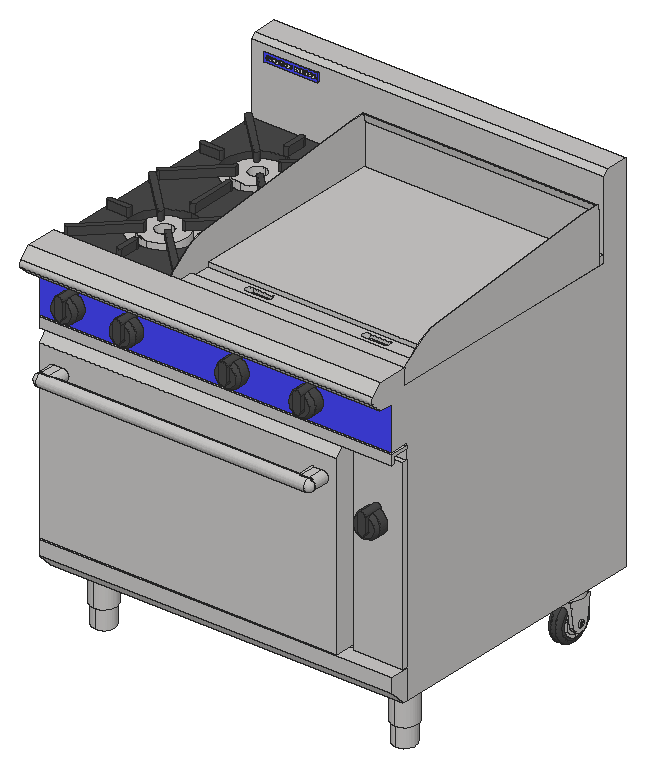
Revit family "QF_MOFFAT_BLUESEAL_CE_G506B", category Specialty Equipment, Revit 2012
Parameters
  Width = 900 mm  # constant formula
  Weight in Pounds = 460
  URL Cutsheet = "www.moffat.com"
  URL = "www.moffat.com"
  Type Mark [instance] = ""
  Status [instance] = ""
  Specification by User [instance] = ""
  Specification by Manufacturer = ""
  Show Logo [instance] = yes
  Show Clearance [instance] = yes
  Show Casters [instance] = yes
  Serial Number = ""
  Seismic Rating = ""
  SMACNA No = ""
  Revision Code [instance] = ""
  Omniclass Number and Title = ""
  NAFEM Spec ID Number = ""
  Model = "G506B"
  Mechanical Remarks = ""
  Mechanical Connection Type [instance] = ""
  Masterspec = ""
  Manufacturer = "MOFFAT BLUESEAL"
  Legs [instance] = not(Show Casters)  # no
  Item Number [instance] = ""
  Installed By [instance] = ""
  Identify Quantity as Lot [instance] = yes
  Height = 970 mm  # constant formula
  Gas Size = 3/4"
  Gas RI Height [instance] = 0 mm
  Gas KW [instance] = 35
  Gas Input [instance] = 119000.0 Btu/h
  Gas Connection Height = 0 mm
  Furnished By [instance] = ""
  Foodservice Equipment Identifier [instance] = yes
  Description = "900MM GAS RANGE WITH STATIC OVEN"
  Depth = 812 mm  # constant formula
  CSI MasterFormat = ""
  CSI Master Format = ""
  Body Finish = QF_Finishes_Stainless Steel
Reference planes
  plane 1 "BACK": y = 0
  plane 2: z = 0
  plane 3 "LEFT": x = 0
  plane 4 "RIGHT": x = 900
  plane 5 "FRONT": y = -812
  plane 6 "TOP": z = 970
  plane 7 "Center Y": x = 450
  plane 8 "Center X": y = -406
  plane 9: x = 280
  plane 10: y = -574.272
  plane 11: x = 60
  plane 12: y = -304.972
  plane 13: y = -364.972
  plane 14: x = 74
  plane 15: y = -812
  plane 16: x = 834.5
  plane 17: y = -32
  plane 18: z = 655
  plane 19: y = -100
  plane 20: z = 1085
  plane 21: y = -705
  plane 22: x = 65.8
Forms (mm)
  Extrusion 1, solid, material "QF_Finishes_Stainless Steel" <- "Body Finish"
    sketch origin (0, 0, 0) x (0, 1, 0) y (0, 0, 1)
      loop
        line (0, 150) -> (0, 1085) -> (-57.5, 1085) -> (-70, 1072.5) -> (-70, 875) -> (-705, 875) -> (-705, 915) -> (-783.97, 915) -> (-808.476, 890.494)
        arc (-808.476, 890.494) -> (-811.994, 882) -> (-808.476, 873.506) r 12.013
        line (-808.476, 873.506) -> (-784.97, 850) -> (-749, 850) -> (-749, 740) -> (-699, 740) -> (-699, 150) -> (0, 150)
    from 0 to 900
  Extrusion 2, solid, material "QF_Finishes_Stainless Steel"
    sketch origin (0, 7, 0) x (0, 1, 0) y (0, 0, 1)
      loop
        line (-706, 700) -> (-732, 700) -> (-756, 676) -> (-756, 227.5) -> (-706, 227.5) -> (-706, 700)
    from 0 to 760
  Extrusion 3, solid, material "QF_Finishes_Stainless Steel"
    sketch origin (723.5, 7, 0) x (0, 1, 0) y (0, 0, 1)
      loop
        line (-706, 700) -> (-721, 700) -> (-721, 227.5) -> (-706, 227.5) -> (-706, 700)
    from 51.5 to 176.5
  Revolve 4, solid, material "QF_Finishes_Stainless Steel" <- "Body Finish"
    sketch origin (834.5, -696.126, 0) x (0, 1, 0) y (0, 0, -1)
      loop
        line (39.376, -150) -> (71.126, -150) -> (71.126, 0) -> (43.626, 0) -> (43.626, -50) -> (39.376, -50) -> (39.376, -150)
      axis (71.126, -150) -> (71.126, 0)
    angle from 0 to 360
  Revolve 5, solid, material "QF_Finishes_Stainless Steel" <- "Body Finish"
    sketch origin (65.5, -696.126, 0) x (0, 1, 0) y (0, 0, 1)
      loop
        line (39.376, 150) -> (39.376, 50) -> (43.626, 50) -> (43.626, 0) -> (71.126, 0) -> (71.126, 150) -> (39.376, 150)
      axis (71.126, 150) -> (71.126, 0)
    angle from 0 to 360
  Extrusion 6, solid, material "QF_Finishes_Stainless Steel"
    sketch origin (-64.5, 0, 325) x (1, 0, 0) y (0, 1, 0)
      loop
        circle (834.5, -32) r 10
    from 330 to 371
  Revolve 7, solid, material "QF_Finishes_Black"
    sketch origin (699.351, 45.874, -0.118) x (0, 1, 0) y (0, 0, 1)
      loop
        line (-827.874, 829.5) -> (-838.874, 823.651) -> (-838.874, 797) -> (-794.874, 797) -> (-794.874, 802) -> (-804.874, 802) -> (-804.874, 829.5) -> (-827.874, 829.5)
      axis (-838.874, 797) -> (-794.874, 797)
    angle from 0 to 360
  Revolve 8, solid, material "QF_Finishes_Black"
    sketch origin (90.649, 45.874, -0.118) x (0, 1, 0) y (0, 0, -1)
      loop
        line (-827.874, -829.5) -> (-804.874, -829.5) -> (-804.874, -802) -> (-794.874, -802) -> (-794.874, -797) -> (-838.874, -797) -> (-838.874, -823.651) -> (-827.874, -829.5)
      axis (-838.874, -797) -> (-794.874, -797)
    angle from 0 to 360
  Revolve 9, solid, material "QF_Finishes_Black"
    sketch origin (240.649, 45.874, -0.118) x (0, 1, 0) y (0, 0, -1)
      loop
        line (-827.874, -829.5) -> (-804.874, -829.5) -> (-804.874, -802) -> (-794.874, -802) -> (-794.874, -797) -> (-838.874, -797) -> (-838.874, -823.651) -> (-827.874, -829.5)
      axis (-838.874, -797) -> (-794.874, -797)
    angle from 0 to 360
  Extrusion 10, solid, material "QF_Finishes_Black"
    sketch origin (238.456, 7, -0.118) x (-1, 0, 0) y (0, 0, -1)
      loop
        arc (158.3, -789) -> (148.3, -779) -> (138.3, -789) r 10
        line (138.3, -789) -> (138.3, -824)
        arc (138.3, -824) -> (148.3, -834) -> (158.3, -824) r 10
        line (158.3, -824) -> (158.3, -789)
    from 759 to 808
  Extrusion 11, solid, material "QF_Finishes_Black"
    sketch origin (388.456, 7, -0.118) x (-1, 0, 0) y (0, 0, -1)
      loop
        arc (158.3, -789) -> (148.3, -779) -> (138.3, -789) r 10
        line (138.3, -789) -> (138.3, -824)
        arc (138.3, -824) -> (148.3, -834) -> (158.3, -824) r 10
        line (158.3, -824) -> (158.3, -789)
    from 759 to 808
  Extrusion 12, solid, material "QF_Finishes_Black"
    sketch origin (551.544, 7, -0.118) x (1, 0, 0) y (0, 0, 1)
      loop
        line (158.3, 789) -> (158.3, 824)
        arc (158.3, 824) -> (148.3, 834) -> (138.3, 824) r 10
        line (138.3, 824) -> (138.3, 789)
        arc (138.3, 789) -> (148.3, 779) -> (158.3, 789) r 10
    from 759 to 808
  Extrusion 13, solid, material "QF_Finishes_Black"
    sketch origin (658.432, 7, -0.118) x (-1, 0, 0) y (0, 0, -1)
      loop
        arc (158.3, -789) -> (148.3, -779) -> (138.3, -789) r 10
        line (138.3, -789) -> (138.3, -824)
        arc (138.3, -824) -> (148.3, -834) -> (158.3, -824) r 10
        line (158.3, -824) -> (158.3, -789)
    from 759 to 808
  Revolve 14, solid, material "QF_Finishes_Black"
    sketch origin (836.851, 80.874, -245.743) x (0, 1, 0) y (0, 0, 1)
      loop
        line (-827.874, 829.5) -> (-838.874, 823.651) -> (-838.874, 797) -> (-794.874, 797) -> (-794.874, 802) -> (-804.874, 802) -> (-804.874, 829.5) -> (-827.874, 829.5)
      axis (-838.874, 797) -> (-794.874, 797)
    angle from 0 to 360
  Extrusion 15, solid, material "QF_Finishes_Black"
    sketch origin (689.044, 42, -245.743) x (1, 0, 0) y (0, 0, 1)
      loop
        line (158.3, 789) -> (158.3, 824)
        arc (158.3, 824) -> (148.3, 834) -> (138.3, 824) r 10
        line (138.3, 824) -> (138.3, 789)
        arc (138.3, 789) -> (148.3, 779) -> (158.3, 789) r 10
    from 759 to 808
  Extrusion 16, solid, material "QF_Door-Drawer Clearances", visible <- "Show Clearance", detail levels coarse
    sketch origin (0, 7, 0) x (0, -1, 0) y (0, 0, 1)
      loop
        line (756, 697.347) -> (756, 227.5) -> (1225.847, 227.5)
        arc (1225.847, 227.5) -> (1088.232, 559.732) -> (756, 697.347) r 469.847
    from 0 to -760
  Extrusion 17, void
    sketch origin (0, 0, 220) x (1, 0, 0) y (0, 1, 0)
      loop
        line (824, -87) -> (824, 0) -> (694, 0) -> (694, -39) -> (744, -87) -> (824, -87)
    from 0 to 476
  Revolve 18, solid, material "QF_Finishes_Black"
    sketch origin (510.625, 45.874, -0.118) x (0, 1, 0) y (0, 0, -1)
      loop
        line (-827.874, -829.5) -> (-804.874, -829.5) -> (-804.874, -802) -> (-794.874, -802) -> (-794.874, -797) -> (-838.874, -797) -> (-838.874, -823.651) -> (-827.874, -829.5)
      axis (-838.874, -797) -> (-794.874, -797)
    angle from 0 to 360
  Extrusion 19, solid, material "QF_Finishes_Stainless Steel"
    sketch origin (0, -749, 227.5) x (0, 0, 1) y (-1, 0, 0)
      loop
        line (380.625, -38.246) -> (380.625, -58.528)
        arc (380.625, -58.528) -> (395.625, -73.528) -> (410.625, -58.528) r 15
        line (410.625, -58.528) -> (410.625, -38.246)
        arc (410.625, -38.246) -> (395.625, -23.246) -> (380.625, -38.246) r 15
      loop
        arc (380.625, -723.039) -> (395.625, -738.039) -> (410.625, -723.039) r 15
        line (410.625, -723.039) -> (410.625, -702.757)
        arc (410.625, -702.757) -> (395.625, -687.757) -> (380.625, -702.757) r 15
        line (380.625, -702.757) -> (380.625, -723.039)
    from 0 to 44
  Revolve 20, solid, material "QF_Finishes_Stainless Steel"
    sketch origin (0, -793, 0) x (1, 0, 0) y (0, 0, 1)
      loop
        arc (738.039, 623.125) -> (733.646, 633.732) -> (723.039, 638.125) r 15
        line (723.039, 638.125) -> (38.246, 638.125)
        arc (38.246, 638.125) -> (27.64, 633.732) -> (23.246, 623.125) r 15
        line (23.246, 623.125) -> (738.039, 623.125)
      axis (738.039, 623.125) -> (23.246, 623.125)
    angle from 0 to 360
  Extrusion 21, solid, material "QF_Finishes_Stainless Steel" <- "Body Finish"
    sketch origin (0, 7, 0) x (0, 1, 0) y (0, 0, 1)
      loop
        line (-756, 710) -> (-747.224, 710) -> (-749.613, 726.999) -> (-707.93, 726.999) -> (-707.93, 734.003) -> (-756, 734.003) -> (-756, 710)
    from 0 to 900
  Extrusion 22, solid, material "QF_Finishes_Stainless Steel" <- "Body Finish"
    sketch origin (0, 4.73, 0) x (0, 1, 0) y (0, 0, 1)
      loop
        line (-753.73, 222.5) -> (-753.73, 186) -> (-717.73, 150) -> (-703.73, 150) -> (-703.73, 222.5) -> (-753.73, 222.5)
    from 0 to 900
  Extrusion 23, solid, material "QF_Finishes_Stainless Steel", visible <- "Show Casters"
    sketch origin (71.501, 133.353, -8.783) x (0, 1, 0) y (0, 0, 1)
      loop
        line (-201.603, 118.783) -> (-265.103, 118.783) -> (-252.746, 53.895)
        arc (-252.746, 53.895) -> (-233.353, 38.783) -> (-213.959, 53.895) r 20
        line (-213.959, 53.895) -> (-201.603, 118.783)
    from -35.667 to 22.923
  Revolve 24, solid, material "QF_Finishes_Stainless Steel", visible <- "Show Casters"
    sketch origin (65, -203, 0) x (0, 1, 0) y (0, 0, 1)
      loop
        line (67.25, 150) -> (67.25, 110) -> (103, 110) -> (103, 150) -> (67.25, 150)
      axis (103, 150) -> (103, 110)
    angle from 0 to 360
  Revolve 25, solid, material "QF_Finishes_Stainless Steel", visible <- "Show Casters"
    sketch origin (834.5, -203, 0) x (0, 1, 0) y (0, 0, -1)
      loop
        line (67.25, -150) -> (103, -150) -> (103, -110) -> (67.25, -110) -> (67.25, -150)
      axis (103, -150) -> (103, -110)
    angle from 0 to 360
  Revolve 26, solid, material "QF_Finishes_Stainless Steel", visible <- "Show Casters"
    sketch origin (785.276, -99.755, -13.653) x (1, 0, 0) y (0, 0, 1)
      loop
        line (14.841, 64.453) -> (83.584, 64.453) -> (83.584, 67.958) -> (82.314, 69.228) -> (80.79, 69.228) -> (80.79, 72.674) -> (68.644, 72.674) -> (68.644, 82.639) -> (65.088, 84.692) -> (63.738, 93.028) -> (65.881, 93.028) -> (65.881, 99.378) -> (65.088, 99.378) -> (65.088, 105.728)
        arc (65.088, 105.728) -> (62.298, 112.463) -> (55.563, 115.253) r 9.525
        line (55.563, 115.253) -> (42.863, 115.253)
        arc (42.863, 115.253) -> (36.127, 112.463) -> (33.338, 105.728) r 9.525
        line (33.338, 105.728) -> (33.338, 99.378) -> (32.544, 99.378) -> (32.544, 93.028) -> (34.687, 93.028) -> (33.352, 84.781) -> (29.782, 82.719) -> (29.782, 72.674) -> (17.635, 72.674) -> (17.635, 69.228) -> (16.111, 69.228) -> (14.841, 67.958) -> (14.841, 64.453)
      axis (14.841, 64.453) -> (83.584, 64.453)
    angle from 0 to 360
  Extrusion 27, solid, material "QF_Finishes_Stainless Steel", visible <- "Show Casters"
    sketch origin (841.001, 133.353, -8.783) x (0, 1, 0) y (0, 0, 1)
      loop
        line (-201.603, 118.783) -> (-265.103, 118.783) -> (-252.746, 53.895)
        arc (-252.746, 53.895) -> (-233.353, 38.783) -> (-213.959, 53.895) r 20
        line (-213.959, 53.895) -> (-201.603, 118.783)
    from -35.667 to 22.923
  Revolve 28, solid, material "QF_Finishes_Stainless Steel", visible <- "Legs"
    sketch origin (65, -165, 0) x (0, 1, 0) y (0, 0, 1)
      loop
        line (33.25, 150) -> (33.25, 50) -> (37.5, 50) -> (37.5, 0) -> (65, 0) -> (65, 150) -> (33.25, 150)
      axis (65, 150) -> (65, 0)
    angle from 0 to 360
  Revolve 29, solid, material "QF_Finishes_Stainless Steel", visible <- "Legs"
    sketch origin (834.5, -165, 0) x (0, 1, 0) y (0, 0, -1)
      loop
        line (33.25, -150) -> (65, -150) -> (65, 0) -> (37.5, 0) -> (37.5, -50) -> (33.25, -50) -> (33.25, -150)
      axis (65, -150) -> (65, 0)
    angle from 0 to 360
  Revolve 30, solid, material "QF_Finishes_Stainless Steel", visible <- "Show Casters"
    sketch origin (114.224, -99.755, -13.653) x (-1, 0, 0) y (0, 0, -1)
      loop
        line (14.841, -64.453) -> (14.841, -67.958) -> (16.111, -69.228) -> (17.635, -69.228) -> (17.635, -72.674) -> (29.782, -72.674) -> (29.782, -82.719) -> (33.352, -84.781) -> (34.687, -93.028) -> (32.544, -93.028) -> (32.544, -99.378) -> (33.338, -99.378) -> (33.338, -105.728)
        arc (33.338, -105.728) -> (36.127, -112.463) -> (42.863, -115.253) r 9.525
        line (42.863, -115.253) -> (55.563, -115.253)
        arc (55.563, -115.253) -> (62.298, -112.463) -> (65.088, -105.728) r 9.525
        line (65.088, -105.728) -> (65.088, -99.378) -> (65.881, -99.378) -> (65.881, -93.028) -> (63.738, -93.028) -> (65.088, -84.692) -> (68.644, -82.639) -> (68.644, -72.674) -> (80.79, -72.674) -> (80.79, -69.228) -> (82.314, -69.228) -> (83.584, -67.958) -> (83.584, -64.453) -> (14.841, -64.453)
      axis (14.841, -64.453) -> (83.584, -64.453)
    angle from 0 to 360
  Extrusion 31, solid, material "QF_Finishes_Black"
    sketch origin (0, -70, 875) x (0, -1, 0) y (1, 0, 0)
      loop
        arc (1, 4) -> (1.879, 1.879) -> (4, 1) r 3
        line (4, 1) -> (632, 1)
        arc (632, 1) -> (634.121, 1.879) -> (635, 4) r 3
        line (635, 4) -> (635, 297)
        arc (635, 297) -> (634.121, 299.121) -> (632, 300) r 3
        line (632, 300) -> (4, 300)
        arc (4, 300) -> (1.879, 299.121) -> (1, 297) r 3
        line (1, 297) -> (1, 4)
      loop
        circle (167.5, 150) r 85
      loop
        circle (467.768, 150) r 85
    from 0 to 19.5
  Extrusion 32, solid, material "QF_Finishes_Black"
    sketch origin (0, -73.5, 894.5) x (0, -1, 0) y (1, 0, 0)
      loop
        spline (323.602, 15.153) -> (322.681, 13.924) -> (322.131, 12.47) -> (321.99, 10.89) -> (322.267, 9.292) -> (322.943, 7.786) -> (323.973, 6.473) -> (325.286, 5.443) -> (326.792, 4.767) -> (328.39, 4.49) -> (329.97, 4.631) -> (331.424, 5.181) -> (332.653, 6.102)
        line (332.653, 6.102) -> (440.576, 114.025)
        spline (440.576, 114.025) -> (441.337, 115.095) -> (441.738, 116.399) -> (441.751, 117.851) -> (441.375, 119.35) -> (440.637, 120.795) -> (439.586, 122.086) -> (438.295, 123.137) -> (436.85, 123.875) -> (435.351, 124.251) -> (433.899, 124.238) -> (432.595, 123.837) -> (431.525, 123.076)
        line (431.525, 123.076) -> (323.602, 15.153)
      loop
        spline (371.852, 143.6) -> (373.146, 143.818) -> (374.352, 144.457) -> (375.388, 145.475) -> (376.182, 146.8) -> (376.682, 148.344) -> (376.852, 150) -> (376.682, 151.656) -> (376.182, 153.2) -> (375.388, 154.525) -> (374.352, 155.543) -> (373.146, 156.182) -> (371.852, 156.4)
        line (371.852, 156.4) -> (259.398, 156.4)
        spline (259.398, 156.4) -> (258.104, 156.182) -> (256.898, 155.543) -> (255.862, 154.525) -> (255.068, 153.2) -> (254.568, 151.656) -> (254.398, 150) -> (254.568, 148.344) -> (255.068, 146.8) -> (255.862, 145.475) -> (256.898, 144.457) -> (258.104, 143.818) -> (259.398, 143.6)
        line (259.398, 143.6) -> (371.852, 143.6)
      loop
        line (311.398, 15.153) -> (203.475, 123.076)
        spline (203.475, 123.076) -> (202.405, 123.837) -> (201.101, 124.238) -> (199.649, 124.251) -> (198.15, 123.875) -> (196.705, 123.137) -> (195.414, 122.086) -> (194.363, 120.795) -> (193.625, 119.35) -> (193.249, 117.851) -> (193.262, 116.399) -> (193.663, 115.095) -> (194.424, 114.025)
        line (194.424, 114.025) -> (302.347, 6.102)
        spline (302.347, 6.102) -> (303.416, 5.341) -> (304.721, 4.941) -> (306.172, 4.928) -> (307.671, 5.303) -> (309.116, 6.041) -> (310.408, 7.092) -> (311.459, 8.384) -> (312.197, 9.829) -> (312.572, 11.328) -> (312.559, 12.779) -> (312.159, 14.084) -> (311.398, 15.153)
      loop
        line (323.602, 284.847) -> (431.525, 176.924)
        spline (431.525, 176.924) -> (432.595, 176.163) -> (433.899, 175.762) -> (435.351, 175.749) -> (436.85, 176.125) -> (438.295, 176.863) -> (439.586, 177.914) -> (440.637, 179.205) -> (441.375, 180.65) -> (441.751, 182.149) -> (441.738, 183.601) -> (441.337, 184.905) -> (440.576, 185.975)
        line (440.576, 185.975) -> (332.653, 293.898)
        spline (332.653, 293.898) -> (331.424, 294.819) -> (329.97, 295.369) -> (328.39, 295.51) -> (326.792, 295.233) -> (325.286, 294.557) -> (323.973, 293.527) -> (322.943, 292.214) -> (322.267, 290.708) -> (321.99, 289.11) -> (322.131, 287.53) -> (322.681, 286.076) -> (323.602, 284.847)
      loop
        spline (311.398, 284.847) -> (312.159, 285.916) -> (312.559, 287.221) -> (312.572, 288.672) -> (312.197, 290.171) -> (311.459, 291.616) -> (310.408, 292.908) -> (309.116, 293.959) -> (307.671, 294.697) -> (306.172, 295.072) -> (304.721, 295.059) -> (303.416, 294.659) -> (302.347, 293.898)
        line (302.347, 293.898) -> (194.424, 185.975)
        spline (194.424, 185.975) -> (193.663, 184.905) -> (193.262, 183.601) -> (193.249, 182.149) -> (193.625, 180.65) -> (194.363, 179.205) -> (195.414, 177.914) -> (196.705, 176.863) -> (198.15, 176.125) -> (199.649, 175.749) -> (201.101, 175.762) -> (202.405, 176.163) -> (203.475, 176.924)
        line (203.475, 176.924) -> (311.398, 284.847)
      loop
        spline (73.549, 143.6) -> (74.844, 143.818) -> (76.049, 144.457) -> (77.085, 145.475) -> (77.88, 146.8) -> (78.379, 148.344) -> (78.549, 150) -> (78.379, 151.656) -> (77.88, 153.2) -> (77.085, 154.525) -> (76.049, 155.543) -> (74.844, 156.182) -> (73.549, 156.4)
        line (73.549, 156.4) -> (25.093, 156.4)
        spline (25.093, 156.4) -> (23.799, 156.182) -> (22.593, 155.543) -> (21.558, 154.525) -> (20.763, 153.2) -> (20.264, 151.656) -> (20.093, 150) -> (20.264, 148.344) -> (20.763, 146.8) -> (21.558, 145.475) -> (22.593, 144.457) -> (23.799, 143.818) -> (25.093, 143.6)
        line (25.093, 143.6) -> (73.549, 143.6)
      loop
        spline (608.1, 143.6) -> (609.394, 143.818) -> (610.6, 144.457) -> (611.636, 145.475) -> (612.43, 146.8) -> (612.93, 148.344) -> (613.1, 150) -> (612.93, 151.656) -> (612.43, 153.2) -> (611.636, 154.525) -> (610.6, 155.543) -> (609.394, 156.182) -> (608.1, 156.4)
        line (608.1, 156.4) -> (558.644, 156.4)
        spline (558.644, 156.4) -> (557.35, 156.182) -> (556.144, 155.543) -> (555.108, 154.525) -> (554.314, 153.2) -> (553.814, 151.656) -> (553.644, 150) -> (553.814, 148.344) -> (554.314, 146.8) -> (555.108, 145.475) -> (556.144, 144.457) -> (557.35, 143.818) -> (558.644, 143.6)
        line (558.644, 143.6) -> (608.1, 143.6)
      loop
        spline (457.6, 10.156) -> (457.818, 8.862) -> (458.457, 7.656) -> (459.475, 6.62) -> (460.8, 5.826) -> (462.344, 5.326) -> (464, 5.156) -> (465.656, 5.326) -> (467.2, 5.826) -> (468.525, 6.62) -> (469.543, 7.656) -> (470.182, 8.862) -> (470.4, 10.156)
        line (470.4, 10.156) -> (470.4, 58.612)
        spline (470.4, 58.612) -> (470.182, 59.906) -> (469.543, 61.112) -> (468.525, 62.148) -> (467.2, 62.942) -> (465.656, 63.442) -> (464, 63.612) -> (462.344, 63.442) -> (460.8, 62.942) -> (459.475, 62.148) -> (458.457, 61.112) -> (457.818, 59.906) -> (457.6, 58.612)
        line (457.6, 58.612) -> (457.6, 10.156)
      loop
        spline (160.966, 10.156) -> (161.184, 8.862) -> (161.823, 7.656) -> (162.841, 6.62) -> (164.166, 5.826) -> (165.71, 5.326) -> (167.366, 5.156) -> (169.022, 5.326) -> (170.566, 5.826) -> (171.892, 6.62) -> (172.909, 7.656) -> (173.548, 8.862) -> (173.766, 10.156)
        line (173.766, 10.156) -> (173.766, 58.612)
        spline (173.766, 58.612) -> (173.548, 59.906) -> (172.909, 61.112) -> (171.892, 62.148) -> (170.566, 62.942) -> (169.022, 63.442) -> (167.366, 63.612) -> (165.71, 63.442) -> (164.166, 62.942) -> (162.841, 62.148) -> (161.823, 61.112) -> (161.184, 59.906) -> (160.966, 58.612)
        line (160.966, 58.612) -> (160.966, 10.156)
      loop
        spline (457.6, 241.636) -> (457.818, 240.342) -> (458.457, 239.136) -> (459.475, 238.1) -> (460.8, 237.306) -> (462.344, 236.806) -> (464, 236.636) -> (465.656, 236.806) -> (467.2, 237.306) -> (468.525, 238.1) -> (469.543, 239.136) -> (470.182, 240.342) -> (470.4, 241.636)
        line (470.4, 241.636) -> (470.4, 290.092)
        spline (470.4, 290.092) -> (470.182, 291.386) -> (469.543, 292.592) -> (468.525, 293.628) -> (467.2, 294.422) -> (465.656, 294.922) -> (464, 295.092) -> (462.344, 294.922) -> (460.8, 294.422) -> (459.475, 293.628) -> (458.457, 292.592) -> (457.818, 291.386) -> (457.6, 290.092)
        line (457.6, 290.092) -> (457.6, 241.636)
      loop
        spline (160.966, 241.636) -> (161.184, 240.342) -> (161.823, 239.136) -> (162.841, 238.1) -> (164.166, 237.306) -> (165.71, 236.806) -> (167.366, 236.636) -> (169.022, 236.806) -> (170.566, 237.306) -> (171.892, 238.1) -> (172.909, 239.136) -> (173.548, 240.342) -> (173.766, 241.636)
        line (173.766, 241.636) -> (173.766, 290.092)
        spline (173.766, 290.092) -> (173.548, 291.386) -> (172.909, 292.592) -> (171.892, 293.628) -> (170.566, 294.422) -> (169.022, 294.922) -> (167.366, 295.092) -> (165.71, 294.922) -> (164.166, 294.422) -> (162.841, 293.628) -> (161.823, 292.592) -> (161.184, 291.386) -> (160.966, 290.092)
        line (160.966, 290.092) -> (160.966, 241.636)
      loop
        line (604.398, 15.153) -> (496.475, 123.076)
        spline (496.475, 123.076) -> (495.405, 123.837) -> (494.101, 124.238) -> (492.649, 124.251) -> (491.15, 123.875) -> (489.705, 123.137) -> (488.414, 122.086) -> (487.363, 120.795) -> (486.625, 119.35) -> (486.249, 117.851) -> (486.262, 116.399) -> (486.663, 115.095) -> (487.424, 114.025)
        line (487.424, 114.025) -> (595.347, 6.102)
        spline (595.347, 6.102) -> (596.576, 5.181) -> (598.03, 4.631) -> (599.61, 4.49) -> (601.208, 4.767) -> (602.714, 5.443) -> (604.027, 6.473) -> (605.057, 7.786) -> (605.733, 9.292) -> (606.01, 10.89) -> (605.869, 12.47) -> (605.319, 13.924) -> (604.398, 15.153)
      loop
        spline (604.398, 284.847) -> (605.319, 286.076) -> (605.869, 287.53) -> (606.01, 289.11) -> (605.733, 290.708) -> (605.057, 292.214) -> (604.027, 293.527) -> (602.714, 294.557) -> (601.208, 295.233) -> (599.61, 295.51) -> (598.03, 295.369) -> (596.576, 294.819) -> (595.347, 293.898)
        line (595.347, 293.898) -> (487.424, 185.975)
        spline (487.424, 185.975) -> (486.663, 184.905) -> (486.262, 183.601) -> (486.249, 182.149) -> (486.625, 180.65) -> (487.363, 179.205) -> (488.414, 177.914) -> (489.705, 176.863) -> (491.15, 176.125) -> (492.649, 175.749) -> (494.101, 175.762) -> (495.405, 176.163) -> (496.475, 176.924)
        line (496.475, 176.924) -> (604.398, 284.847)
      loop
        spline (16.602, 15.153) -> (15.841, 14.084) -> (15.441, 12.779) -> (15.428, 11.328) -> (15.803, 9.829) -> (16.541, 8.384) -> (17.592, 7.092) -> (18.884, 6.041) -> (20.329, 5.303) -> (21.828, 4.928) -> (23.279, 4.941) -> (24.584, 5.341) -> (25.653, 6.102)
        line (25.653, 6.102) -> (133.576, 114.025)
        spline (133.576, 114.025) -> (134.337, 115.095) -> (134.738, 116.399) -> (134.751, 117.851) -> (134.375, 119.35) -> (133.637, 120.795) -> (132.586, 122.086) -> (131.295, 123.137) -> (129.85, 123.875) -> (128.351, 124.251) -> (126.899, 124.238) -> (125.595, 123.837) -> (124.525, 123.076)
        line (124.525, 123.076) -> (16.602, 15.153)
      loop
        line (16.602, 284.847) -> (124.525, 176.924)
        spline (124.525, 176.924) -> (125.595, 176.163) -> (126.899, 175.762) -> (128.351, 175.749) -> (129.85, 176.125) -> (131.295, 176.863) -> (132.586, 177.914) -> (133.637, 179.205) -> (134.375, 180.65) -> (134.751, 182.149) -> (134.738, 183.601) -> (134.337, 184.905) -> (133.576, 185.975)
        line (133.576, 185.975) -> (25.653, 293.898)
        spline (25.653, 293.898) -> (24.584, 294.659) -> (23.279, 295.059) -> (21.828, 295.072) -> (20.329, 294.697) -> (18.884, 293.959) -> (17.592, 292.908) -> (16.541, 291.616) -> (15.803, 290.171) -> (15.428, 288.672) -> (15.441, 287.221) -> (15.841, 285.916) -> (16.602, 284.847)
    from 0 to 20.5
  Extrusion 33, solid, material "QF_Finishes_Stainless Steel"
    sketch origin (0, -70, 875) x (0, -1, 0) y (1, 0, 0)
      loop
        circle (467.5, 150) r 57
      loop
        circle (167.5, 150) r 57
      loop
        circle (467.5, 150) r 22
      loop
        circle (167.5, 150) r 22
    from 0 to 19.5
Cuts and joins
  Extrusion 17 cuts Extrusion 1
Lines and regions (mm)
  Split face 1
    outline origin (900, 0, 1085) x (-1, 0, 0) y (0, -1, 0)
      loop
        arc (867.206, 18.385) -> (875.866, 23.385) -> (875.866, 33.385) r 10
        line (875.866, 33.385) -> (871.824, 40.385)
        arc (871.824, 40.385) -> (868.164, 44.045) -> (863.164, 45.385) r 10
        line (863.164, 45.385) -> (635.206, 45.385)
        arc (635.206, 45.385) -> (626.545, 40.385) -> (626.545, 30.385) r 10
        line (626.545, 30.385) -> (630.587, 23.385)
        arc (630.587, 23.385) -> (634.247, 19.725) -> (639.247, 18.385) r 10
        line (639.247, 18.385) -> (867.206, 18.385)
  Split face 2
    outline origin (900, 0, 1085) x (-1, 0, 0) y (0, -1, 0)
      loop
        arc (567.206, 18.385) -> (575.866, 23.385) -> (575.866, 33.385) r 10
        line (575.866, 33.385) -> (571.824, 40.385)
        arc (571.824, 40.385) -> (568.164, 44.045) -> (563.164, 45.385) r 10
        line (563.164, 45.385) -> (335.206, 45.385)
        arc (335.206, 45.385) -> (326.545, 40.385) -> (326.545, 30.385) r 10
        line (326.545, 30.385) -> (330.587, 23.385)
        arc (330.587, 23.385) -> (334.247, 19.725) -> (339.247, 18.385) r 10
        line (339.247, 18.385) -> (567.206, 18.385)
  Split face 3
    outline origin (900, 0, 1085) x (-1, 0, 0) y (0, -1, 0)
      loop
        arc (35.206, 45.385) -> (26.545, 40.385) -> (26.545, 30.385) r 10
        line (26.545, 30.385) -> (30.587, 23.385)
        arc (30.587, 23.385) -> (34.247, 19.725) -> (39.247, 18.385) r 10
        line (39.247, 18.385) -> (267.206, 18.385)
        arc (267.206, 18.385) -> (275.866, 23.385) -> (275.866, 33.385) r 10
        line (275.866, 33.385) -> (271.824, 40.385)
        arc (271.824, 40.385) -> (268.164, 44.045) -> (263.164, 45.385) r 10
        line (263.164, 45.385) -> (35.206, 45.385)
  symbolic lines
    curve 1: line (0, 0, 0) -> (0, -812, 0)
    curve 2: line (900, 0, 0) -> (0, 0, 0)
    curve 3: line (900, -812, 0) -> (900, 0, 0)
    curve 4: line (0, -70, 0) -> (900, -70, 0)
    curve 5: line (900, -812, 0) -> (0, -812, 0)
    curve 6: line (900, -705, 0) -> (0, -705, 0)
    curve 7: line (0, -701.7, 0) -> (900, -701.7, 0)
    curve 8: line (900, -72.734, 0) -> (0, -72.734, 0)
    curve 9: arc (22.65, -812, 0) -> (34.104, -822.278, 0) -> (48.889, -826.544, 0) r 34.455
    curve 10: line (48.889, -826.544, 0) -> (721.858, -826.544, 0)
    curve 11: arc (721.858, -826.544, 0) -> (736.403, -822.647, 0) -> (747.05, -812, 0) r 29.089
    curve 15: line (300, -72.734, 0) -> (300, -701.7, 0)
    curve 16: line (0, -391, 0) -> (300, -391, 0)
    curve 17: line (149.988, -331.778, 0) -> (149.988, -448.358, 0)
    curve 18: line (150.034, -681.268, 0) -> (150.034, -628.558, 0)
    curve 19: line (9.26, -537.634, 0) -> (59.26, -537.634, 0)
    curve 20: line (178.593, -512.407, 0) -> (291.73, -399.27, 0)
    curve 21: line (291.767, -537.634, 0) -> (240.041, -537.634, 0)
    curve 22: arc (150, -480.5, 150) -> (207, -537.5, 150) -> (150, -594.5, 150) r 57
    curve 23: arc (150, -594.5, 150) -> (93, -537.5, 150) -> (150, -480.5, 150) r 57
    curve 24: arc (150, -622.768, 150) -> (235, -537.768, 150) -> (150, -452.768, 150) r 85
    curve 25: arc (150, -452.768, 150) -> (65, -537.768, 150) -> (150, -622.768, 150) r 85
    curve 26: arc (150, -515.5, 150) -> (128, -537.5, 150) -> (150, -559.5, 150) r 22
    curve 27: arc (150, -559.5, 150) -> (172, -537.5, 150) -> (150, -515.5, 150) r 22
    curve 28: line (121.407, -512.407, 0) -> (8.27, -399.27, 0)
    curve 29: line (178.593, -562.593, 0) -> (291.73, -675.73, 0)
    curve 30: line (121.407, -562.593, 0) -> (8.27, -675.73, 0)
    curve 31: line (150.034, -96.281, 0) -> (150.034, -149.16, 0)
    curve 32: line (178.593, -269.593, 0) -> (291.73, -382.73, 0)
    curve 33: line (121.407, -269.593, 0) -> (8.27, -382.73, 0)
    curve 34: line (9.26, -241, 0) -> (59.26, -241, 0)
    curve 35: line (291.767, -241, 0) -> (240.041, -241, 0)
    curve 36: arc (150, -322.5, 150) -> (235, -237.5, 150) -> (150, -152.5, 150) r 85
    curve 37: arc (150, -152.5, 150) -> (65, -237.5, 150) -> (150, -322.5, 150) r 85
    curve 38: arc (150, -180.5, 150) -> (207, -237.5, 150) -> (150, -294.5, 150) r 57
    curve 39: arc (150, -294.5, 150) -> (93, -237.5, 150) -> (150, -180.5, 150) r 57
    curve 40: arc (150, -259.5, 150) -> (172, -237.5, 150) -> (150, -215.5, 150) r 22
    curve 41: arc (150, -215.5, 150) -> (128, -237.5, 150) -> (150, -259.5, 150) r 22
    curve 42: line (178.593, -205.407, 0) -> (291.73, -92.27, 0)
    curve 43: line (121.407, -205.407, 0) -> (8.27, -92.27, 0)
    curve 44: line (32.794, -18.385, 0) -> (260.753, -18.385, 0)
    curve 45: arc (260.753, -18.385, 0) -> (265.753, -19.725, 0) -> (269.413, -23.385, 0) r 10
    curve 46: line (269.413, -23.385, 0) -> (273.455, -30.385, 0)
    curve 47: arc (273.455, -30.385, 0) -> (273.455, -40.385, 0) -> (264.794, -45.385, 0) r 10
    curve 48: line (264.794, -45.385, 0) -> (36.836, -45.385, 0)
    curve 49: arc (36.836, -45.385, 0) -> (31.836, -44.045, 0) -> (28.176, -40.385, 0) r 10
    curve 50: line (28.176, -40.385, 0) -> (24.134, -33.385, 0)
    curve 51: arc (24.134, -33.385, 0) -> (24.134, -23.385, 0) -> (32.794, -18.385, 0) r 10
    curve 52: line (560.753, -18.385, 0) -> (332.794, -18.385, 0)
    curve 53: arc (332.794, -18.385, 0) -> (324.134, -23.385, 0) -> (324.134, -33.385, 0) r 10
    curve 54: line (324.134, -33.385, 0) -> (328.176, -40.385, 0)
    curve 55: arc (328.176, -40.385, 0) -> (331.836, -44.045, 0) -> (336.836, -45.385, 0) r 10
    curve 56: line (336.836, -45.385, 0) -> (564.794, -45.385, 0)
    curve 57: arc (564.794, -45.385, 0) -> (573.455, -40.385, 0) -> (573.455, -30.385, 0) r 10
    curve 58: line (573.455, -30.385, 0) -> (569.413, -23.385, 0)
    curve 59: arc (569.413, -23.385, 0) -> (565.753, -19.725, 0) -> (560.753, -18.385, 0) r 10
    curve 60: line (632.794, -18.385, 0) -> (860.753, -18.385, 0)
    curve 61: arc (860.753, -18.385, 0) -> (865.753, -19.725, 0) -> (869.413, -23.385, 0) r 10
    curve 62: line (869.413, -23.385, 0) -> (873.455, -30.385, 0)
    curve 63: arc (873.455, -30.385, 0) -> (873.455, -40.385, 0) -> (864.794, -45.385, 0) r 10
    curve 64: line (864.794, -45.385, 0) -> (636.836, -45.385, 0)
    curve 65: arc (636.836, -45.385, 0) -> (631.836, -44.045, 0) -> (628.176, -40.385, 0) r 10
    curve 66: line (628.176, -40.385, 0) -> (624.134, -33.385, 0)
    curve 67: arc (624.134, -33.385, 0) -> (624.134, -23.385, 0) -> (632.794, -18.385, 0) r 10
    curve 68: line (0, -783.97, 0) -> (900, -783.97, 0)
    curve 69: line (0, -57.5, 0) -> (900, -57.5, 0)
  symbolic lines, style "QF_Door-Drawer Clearances", visible <- "Show Clearance"
    curve 12: line (0, -1218.847, 0) -> (0, -812, 0)
    curve 13: line (0, -1218.847, 0) -> (760, -1218.847, 0)
    curve 14: line (760, -1218.847, 0) -> (760, -812, 0)
Dimensions and locks
  equal spacing: plane 3 "LEFT", plane 7 "Center Y", plane 4 "RIGHT"
  "Width": plane 3 "LEFT" to plane 4 "RIGHT"
  equal spacing: plane 5 "FRONT", plane 8 "Center X", plane 1 "BACK"
  plane 5 "FRONT" to plane 1 "BACK" = 812 mm  (x2)
  equal spacing: plane 4 "RIGHT", plane 7 "Center Y", plane 3 "LEFT"
  plane 4 "RIGHT" to plane 3 "LEFT" = 900 mm
  "Height": plane 6 "TOP" to level
  plane 10 to plane 1 "BACK" = 574.272 mm
  plane 12 to plane 1 "BACK" = 304.972 mm  (x2)
  plane 11 to plane 3 "LEFT" = 60 mm
  plane 14 to plane 3 "LEFT" = 74 mm
  plane 9 to plane 3 "LEFT" = 280 mm
  "Depth": plane 1 "BACK" to plane 15
  plane 15 to plane 5 "FRONT" = 0 mm
  plane 6 "TOP" to plane 2 = 970 mm
  plane 2 to Extrusion 1 sketch curve = 875 mm
  locked: plane 2 to Extrusion 1 sketch curve at 915
  Revolve 26 sketch curve to Revolve 26 sketch curve = 50.8 mm
  Revolve 30 sketch curve to Revolve 30 sketch curve = 50.8 mm
  plane 20 to level = 1085 mm
  Extrusion 31 sketch curve to plane 22 = 64.8 mm
  aligned and locked: level to plane 2
  aligned and locked: curve 3 to plane 4 "RIGHT"
Automatic sketch dimensions
  Extrusion 1 sketch curve to plane 21 = 0 mm
  Extrusion 1 sketch curve to plane 20 = 0 mm
  Extrusion 1 sketch curve to plane 1 "BACK" = 0 mm
  plane 21 to Extrusion 1 sketch curve = 44 mm
  Extrusion 1 sketch curve to plane 5 "FRONT" = 28.03 mm
  Extrusion 1 sketch curve to plane 5 "FRONT" = 27.03 mm
  Extrusion 1 sketch curve to plane 5 "FRONT" = 12.018 mm
  Extrusion 1 sketch curve to plane 5 "FRONT" = 3.524 mm  (x2)
  Extrusion 1 sketch curve to plane 21 = 6 mm
  Extrusion 1 sketch curve to plane 20 = 12.5 mm
  plane 19 to Extrusion 1 sketch curve = 30 mm
  Extrusion 1 sketch curve to Extrusion 1 sketch curve = 12.5 mm
  Extrusion 1 sketch curve to Extrusion 1 sketch curve = 41.494 mm
  Extrusion 1 sketch curve to Extrusion 1 sketch curve = 25 mm
  plane 18 to Extrusion 1 sketch curve = 85 mm
  level to Extrusion 1 sketch curve = 150 mm
  Extrusion 1 sketch curve to Extrusion 1 sketch curve = 8.494 mm
  plane 21 to Extrusion 2 sketch curve = 20 mm
  Extrusion 2 sketch curve to plane 21 = 6 mm
  level to Extrusion 2 sketch curve = 227.5 mm
  plane 21 to Extrusion 3 sketch curve = 9 mm
  Extrusion 3 sketch curve to plane 21 = 6 mm
  level to Extrusion 3 sketch curve = 227.5 mm
  plane 18 to Extrusion 3 sketch curve = 45 mm
  Revolve 4 sketch curve to level = 0 mm
  Revolve 4 sketch curve to plane 21 = 48.25 mm
  Revolve 4 sketch curve to Revolve 4 sketch curve = 4.25 mm
  Revolve 4 sketch curve to Revolve 4 sketch curve = 27.5 mm  (x2)
  level to Revolve 4 sketch curve = 50 mm
  Revolve 4 sketch curve to Revolve 4 sketch curve = 0 mm
  Revolve 4 sketch curve to Revolve 4 sketch curve = 100 mm
  Revolve 4 sketch curve to Revolve 4 sketch curve = 55 mm
  Revolve 5 sketch curve to level = 0 mm
  Revolve 5 sketch curve to plane 21 = 48.25 mm
  Revolve 5 sketch curve to Revolve 5 sketch curve = 4.25 mm
  Revolve 5 sketch curve to Revolve 5 sketch curve = 27.5 mm  (x2)
  Revolve 5 sketch curve to level = 55 mm
  Revolve 5 sketch curve to Revolve 5 sketch curve = 50 mm
  Revolve 5 sketch curve to Revolve 5 sketch curve = 0 mm
  Revolve 5 sketch curve to Revolve 5 sketch curve = 100 mm
  Extrusion 6 sketch curve to plane 17 = 0 mm
  Extrusion 6 sketch curve to plane 16 = 64.5 mm
  Revolve 7 sketch curve to plane 5 "FRONT" = 19 mm
  Revolve 7 sketch curve to Revolve 7 sketch curve = 0 mm  (x2)
  Revolve 7 sketch curve to Revolve 7 sketch curve = 11 mm
  Revolve 7 sketch curve to Revolve 7 sketch curve = 12.7 mm
  Revolve 7 sketch curve to Revolve 7 sketch curve = 23 mm
  Revolve 7 sketch curve to Revolve 7 sketch curve = 10 mm
  plane 18 to Revolve 7 sketch curve = 141.882 mm
  Revolve 7 sketch curve to Revolve 7 sketch curve = 5 mm
  Revolve 7 sketch curve to Revolve 7 sketch curve = 26.651 mm
  Revolve 7 sketch curve to Revolve 7 sketch curve = 5.849 mm
  Revolve 8 sketch curve to plane 5 "FRONT" = 19 mm
  Revolve 8 sketch curve to Revolve 8 sketch curve = 0 mm  (x2)
  Revolve 8 sketch curve to Revolve 8 sketch curve = 11 mm
  Revolve 8 sketch curve to Revolve 8 sketch curve = 12.7 mm
  Revolve 8 sketch curve to Revolve 8 sketch curve = 23 mm
  Revolve 8 sketch curve to Revolve 8 sketch curve = 10 mm
  Revolve 8 sketch curve to plane 6 "TOP" = 140.618 mm
  Revolve 8 sketch curve to Revolve 8 sketch curve = 5.849 mm
  Revolve 8 sketch curve to Revolve 8 sketch curve = 27.5 mm
  Revolve 8 sketch curve to Revolve 8 sketch curve = 5 mm
  Revolve 9 sketch curve to plane 5 "FRONT" = 19 mm
  Revolve 9 sketch curve to Revolve 9 sketch curve = 0 mm  (x2)
  Revolve 9 sketch curve to Revolve 9 sketch curve = 11 mm
  Revolve 9 sketch curve to Revolve 9 sketch curve = 12.7 mm
  Revolve 9 sketch curve to Revolve 9 sketch curve = 23 mm
  Revolve 9 sketch curve to Revolve 9 sketch curve = 10 mm
  Revolve 9 sketch curve to plane 6 "TOP" = 140.618 mm
  Revolve 9 sketch curve to Revolve 9 sketch curve = 5.849 mm
  Revolve 9 sketch curve to Revolve 9 sketch curve = 27.5 mm
  Revolve 9 sketch curve to Revolve 9 sketch curve = 5 mm
  plane 14 to Extrusion 10 sketch curve = 26.156 mm
  Extrusion 10 sketch curve to Extrusion 10 sketch curve = 10 mm
  Extrusion 10 sketch curve to plane 6 "TOP" = 146.118 mm
  Extrusion 10 sketch curve to Extrusion 10 sketch curve = 35 mm
  Extrusion 11 sketch curve to plane 9 = 29.844 mm
  Extrusion 11 sketch curve to Extrusion 11 sketch curve = 10 mm
  Extrusion 11 sketch curve to plane 6 "TOP" = 146.118 mm
  Extrusion 11 sketch curve to Extrusion 11 sketch curve = 35 mm
  Extrusion 12 sketch curve to plane 16 = 144.656 mm
  Extrusion 12 sketch curve to Extrusion 12 sketch curve = 10 mm
  plane 18 to Extrusion 12 sketch curve = 133.882 mm
  Extrusion 12 sketch curve to Extrusion 12 sketch curve = 35 mm
  plane 7 "Center Y" to Extrusion 13 sketch curve = 70.132 mm
  Extrusion 13 sketch curve to Extrusion 13 sketch curve = 10 mm
  Extrusion 13 sketch curve to plane 6 "TOP" = 146.118 mm
  Extrusion 13 sketch curve to Extrusion 13 sketch curve = 35 mm
  Revolve 14 sketch curve to plane 5 "FRONT" = 54 mm
  Revolve 14 sketch curve to Revolve 14 sketch curve = 0 mm  (x2)
  Revolve 14 sketch curve to Revolve 14 sketch curve = 11 mm
  Revolve 14 sketch curve to Revolve 14 sketch curve = 12.7 mm
  plane 21 to Revolve 14 sketch curve = 19 mm
  plane 21 to Revolve 14 sketch curve = 9 mm
  Revolve 14 sketch curve to plane 18 = 103.743 mm
  Revolve 14 sketch curve to Revolve 14 sketch curve = 5 mm
  Revolve 14 sketch curve to Revolve 14 sketch curve = 26.651 mm
  Revolve 14 sketch curve to Revolve 14 sketch curve = 5.849 mm
  Extrusion 15 sketch curve to plane 16 = 7.156 mm
  plane 16 to Extrusion 15 sketch curve = 2.844 mm
  Extrusion 15 sketch curve to plane 18 = 111.743 mm
  Extrusion 15 sketch curve to Extrusion 15 sketch curve = 35 mm
  plane 21 to Extrusion 16 sketch curve = 44 mm
  level to Extrusion 16 sketch curve = 227.5 mm
  plane 5 "FRONT" to Extrusion 16 sketch curve = 406.847 mm
  plane 1 "BACK" to Extrusion 17 sketch curve = 0 mm
  Extrusion 17 sketch curve to plane 17 = 7 mm
  Extrusion 17 sketch curve to plane 16 = 140.5 mm
  plane 19 to Extrusion 17 sketch curve = 13 mm
  Extrusion 17 sketch curve to Extrusion 17 sketch curve = 50 mm
  Extrusion 17 sketch curve to plane 16 = 10.5 mm
  Revolve 18 sketch curve to plane 5 "FRONT" = 19 mm
  Revolve 18 sketch curve to Revolve 18 sketch curve = 0 mm  (x2)
  Revolve 18 sketch curve to Revolve 18 sketch curve = 11 mm
  Revolve 18 sketch curve to Revolve 18 sketch curve = 12.7 mm
  Revolve 18 sketch curve to Revolve 18 sketch curve = 23 mm
  Revolve 18 sketch curve to Revolve 18 sketch curve = 10 mm
  Revolve 18 sketch curve to plane 6 "TOP" = 140.618 mm
  Revolve 18 sketch curve to Revolve 18 sketch curve = 5.849 mm
  Revolve 18 sketch curve to Revolve 18 sketch curve = 27.5 mm
  Revolve 18 sketch curve to Revolve 18 sketch curve = 5 mm
  Extrusion 19 sketch curve to plane 11 = 1.472 mm
  Extrusion 19 sketch curve to plane 18 = 46.875 mm  (x2)
  Extrusion 19 sketch curve to Extrusion 19 sketch curve = 15 mm  (x2)
  Extrusion 19 sketch curve to plane 16 = 131.743 mm
  Extrusion 19 sketch curve to Extrusion 19 sketch curve = 20.282 mm  (x2)
  Revolve 20 sketch curve to plane 3 "LEFT" = 6.961 mm
  plane 3 "LEFT" to Revolve 20 sketch curve = 23.246 mm
  Revolve 20 sketch curve to plane 18 = 16.875 mm
  Revolve 20 sketch curve to Revolve 20 sketch curve = 15 mm
  Revolve 20 sketch curve to plane 18 = 31.875 mm
  plane 7 "Center Y" to Revolve 20 sketch curve = 138.039 mm
  Revolve 20 sketch curve to plane 16 = 111.461 mm
  plane 21 to Extrusion 21 sketch curve = 44 mm
  Extrusion 21 sketch curve to Extrusion 21 sketch curve = 6.387 mm
  Extrusion 21 sketch curve to Extrusion 21 sketch curve = 8.776 mm
  Extrusion 21 sketch curve to plane 21 = 4.07 mm
  plane 18 to Extrusion 21 sketch curve = 55 mm
  Extrusion 21 sketch curve to Extrusion 21 sketch curve = 16.999 mm
  Extrusion 21 sketch curve to Extrusion 21 sketch curve = 7.004 mm
  plane 21 to Extrusion 22 sketch curve = 44 mm
  Extrusion 22 sketch curve to Extrusion 22 sketch curve = 36.5 mm
  Extrusion 23 sketch curve to plane 19 = 0 mm
  Extrusion 23 sketch curve to plane 19 = 19.393 mm
  Extrusion 23 sketch curve to plane 19 = 31.75 mm
  plane 19 to Extrusion 23 sketch curve = 19.393 mm
  plane 19 to Extrusion 23 sketch curve = 31.75 mm
  level to Extrusion 23 sketch curve = 45.111 mm
  Extrusion 23 sketch curve to Extrusion 23 sketch curve = 4.889 mm
  Extrusion 23 sketch curve to Extrusion 23 sketch curve = 64.889 mm
  Revolve 24 sketch curve to plane 19 = 0 mm  (x2)
  Revolve 24 sketch curve to plane 19 = 35.75 mm
  Revolve 24 sketch curve to level = 55 mm
  level to Revolve 24 sketch curve = 50 mm
  Revolve 24 sketch curve to Revolve 24 sketch curve = 60 mm
  Revolve 24 sketch curve to Revolve 24 sketch curve = 40 mm
  Revolve 25 sketch curve to plane 19 = 0 mm  (x2)
  Revolve 25 sketch curve to plane 19 = 35.75 mm
  level to Revolve 25 sketch curve = 150 mm
  Revolve 25 sketch curve to Revolve 25 sketch curve = 40 mm
  level to Revolve 25 sketch curve = 50 mm
  Revolve 25 sketch curve to level = 55 mm
  Revolve 26 sketch curve to plane 16 = 34.382 mm
  Revolve 26 sketch curve to Revolve 26 sketch curve = 1.27 mm  (x4)
  Revolve 26 sketch curve to Revolve 26 sketch curve = 1.524 mm  (x2)
  Revolve 26 sketch curve to Revolve 26 sketch curve = 12.146 mm  (x2)
  Revolve 26 sketch curve to plane 16 = 16.68 mm
  Revolve 26 sketch curve to Revolve 26 sketch curve = 0.794 mm  (x2)
  Revolve 26 sketch curve to Revolve 26 sketch curve = 3.57 mm
  Revolve 26 sketch curve to Revolve 26 sketch curve = 2.143 mm
  Revolve 26 sketch curve to plane 16 = 6.361 mm
  plane 16 to Revolve 26 sketch curve = 5.13 mm
  plane 16 to Revolve 26 sketch curve = 6.339 mm
  plane 16 to Revolve 26 sketch curve = 14.515 mm
  Revolve 26 sketch curve to Revolve 26 sketch curve = 1.349 mm  (x2)
  Revolve 26 sketch curve to Revolve 26 sketch curve = 3.556 mm
  Revolve 26 sketch curve to plane 4 "RIGHT" = 2.18 mm
  level to Revolve 26 sketch curve = 50.8 mm
  Revolve 26 sketch curve to Revolve 26 sketch curve = 0 mm
  Revolve 26 sketch curve to Revolve 26 sketch curve = 3.505 mm  (x2)
  Revolve 26 sketch curve to Revolve 26 sketch curve = 3.447 mm  (x2)
  Revolve 26 sketch curve to Revolve 26 sketch curve = 9.964 mm
  Revolve 26 sketch curve to Revolve 26 sketch curve = 10.045 mm
  Revolve 26 sketch curve to Revolve 26 sketch curve = 2.053 mm
  Revolve 26 sketch curve to Revolve 26 sketch curve = 2.061 mm
  Revolve 26 sketch curve to Revolve 26 sketch curve = 8.247 mm
  Revolve 26 sketch curve to Revolve 26 sketch curve = 8.336 mm
  Revolve 26 sketch curve to Revolve 26 sketch curve = 6.35 mm  (x2)
  Extrusion 27 sketch curve to plane 19 = 0 mm
  Extrusion 27 sketch curve to plane 19 = 19.393 mm
  Extrusion 27 sketch curve to plane 19 = 31.75 mm
  plane 19 to Extrusion 27 sketch curve = 19.393 mm
  plane 19 to Extrusion 27 sketch curve = 31.75 mm
  level to Extrusion 27 sketch curve = 45.111 mm
  Extrusion 27 sketch curve to Extrusion 27 sketch curve = 4.889 mm
  Extrusion 27 sketch curve to Extrusion 27 sketch curve = 64.889 mm
  Revolve 28 sketch curve to level = 0 mm
  Revolve 28 sketch curve to plane 19 = 0 mm  (x2)
  Revolve 28 sketch curve to Revolve 28 sketch curve = 27.5 mm
  Revolve 28 sketch curve to Revolve 28 sketch curve = 31.75 mm
  Revolve 28 sketch curve to level = 55 mm
  Revolve 28 sketch curve to Revolve 28 sketch curve = 50 mm
  Revolve 28 sketch curve to Revolve 28 sketch curve = 0 mm
  Revolve 28 sketch curve to Revolve 28 sketch curve = 100 mm
  Revolve 29 sketch curve to level = 0 mm
  Revolve 29 sketch curve to plane 19 = 0 mm  (x2)
  Revolve 29 sketch curve to Revolve 29 sketch curve = 27.5 mm
  Revolve 29 sketch curve to Revolve 29 sketch curve = 31.75 mm
  level to Revolve 29 sketch curve = 50 mm
  Revolve 29 sketch curve to Revolve 29 sketch curve = 0 mm
  Revolve 29 sketch curve to Revolve 29 sketch curve = 100 mm
  Revolve 29 sketch curve to Revolve 29 sketch curve = 55 mm
  plane 14 to Revolve 30 sketch curve = 25.382 mm
  Revolve 30 sketch curve to Revolve 30 sketch curve = 1.27 mm  (x4)
  Revolve 30 sketch curve to Revolve 30 sketch curve = 1.524 mm  (x2)
  plane 14 to Revolve 30 sketch curve = 10.442 mm
  plane 14 to Revolve 30 sketch curve = 7.68 mm
  Revolve 30 sketch curve to Revolve 30 sketch curve = 0.794 mm  (x2)
  Revolve 30 sketch curve to Revolve 30 sketch curve = 3.57 mm
  Revolve 30 sketch curve to Revolve 30 sketch curve = 2.143 mm
  Revolve 30 sketch curve to plane 14 = 2.639 mm
  Revolve 30 sketch curve to plane 11 = 0.13 mm
  Revolve 30 sketch curve to plane 11 = 1.339 mm
  Revolve 30 sketch curve to plane 11 = 9.515 mm
  Revolve 30 sketch curve to Revolve 30 sketch curve = 1.349 mm  (x2)
  Revolve 30 sketch curve to Revolve 30 sketch curve = 3.556 mm
  Revolve 30 sketch curve to Revolve 30 sketch curve = 12.146 mm
  Revolve 30 sketch curve to plane 3 "LEFT" = 2.68 mm
  level to Revolve 30 sketch curve = 101.6 mm
  Revolve 30 sketch curve to Revolve 30 sketch curve = 6.35 mm  (x4)
  Revolve 30 sketch curve to Revolve 30 sketch curve = 8.247 mm
  Revolve 30 sketch curve to Revolve 30 sketch curve = 8.336 mm
  Revolve 30 sketch curve to Revolve 30 sketch curve = 2.061 mm
  Revolve 30 sketch curve to Revolve 30 sketch curve = 2.053 mm
  Revolve 30 sketch curve to Revolve 30 sketch curve = 10.045 mm
  Revolve 30 sketch curve to Revolve 30 sketch curve = 9.964 mm
  Revolve 30 sketch curve to Revolve 30 sketch curve = 3.447 mm  (x2)
  Revolve 30 sketch curve to Revolve 30 sketch curve = 3.505 mm
  plane 21 to Extrusion 31 sketch curve = 0 mm
  Extrusion 31 sketch curve to plane 21 = 3 mm  (x2)
  plane 10 to Extrusion 31 sketch curve = 36.504 mm
  plane 12 to Extrusion 31 sketch curve = 67.472 mm
  plane 19 to Extrusion 31 sketch curve = 26 mm  (x2)
  Extrusion 31 sketch curve to Extrusion 31 sketch curve = 3 mm
  plane 14 to Extrusion 31 sketch curve = 76 mm  (x2)
  plane 9 to Extrusion 31 sketch curve = 17 mm
  Extrusion 32 sketch curve to Extrusion 31 = 19.102 mm  (x2)
  Extrusion 32 sketch curve to Extrusion 32 sketch curve = 4.525 mm  (x16)
  Extrusion 32 sketch curve to Extrusion 31 = 27.593 mm
  Extrusion 32 sketch curve to Extrusion 32 sketch curve = 48.456 mm  (x3)
  Extrusion 32 sketch curve to Extrusion 32 sketch curve = 50.976 mm
  Extrusion 32 sketch curve to Extrusion 32 sketch curve = 0 mm  (x4)
  Extrusion 32 sketch curve to Extrusion 32 sketch curve = 27.39 mm  (x2)
  Extrusion 32 sketch curve to Extrusion 32 sketch curve = 6.4 mm  (x7)
  Extrusion 32 sketch curve to Extrusion 32 sketch curve = 20.658 mm  (x2)
  Extrusion 32 sketch curve to Extrusion 32 sketch curve = 55.923 mm
  Extrusion 32 sketch curve to Extrusion 31 = 6.102 mm  (x2)
  Extrusion 32 sketch curve to Extrusion 31 = 5.102 mm  (x3)
  Extrusion 32 sketch curve to Extrusion 32 sketch curve = 128.581 mm  (x2)
  Extrusion 32 sketch curve to Extrusion 31 = 14.153 mm
  Extrusion 32 sketch curve to Extrusion 32 sketch curve = 12.205 mm  (x2)
  Extrusion 32 sketch curve to Extrusion 31 = 15.153 mm  (x2)
  Extrusion 32 sketch curve to Extrusion 32 sketch curve = 112.454 mm
  Extrusion 32 sketch curve to Extrusion 32 sketch curve = 59.673 mm
  Extrusion 32 sketch curve to Extrusion 32 sketch curve = 17.024 mm  (x2)
  Extrusion 32 sketch curve to Extrusion 32 sketch curve = 46.847 mm  (x2)
  Extrusion 32 sketch curve to Extrusion 32 sketch curve = 62.169 mm
  Extrusion 32 sketch curve to Extrusion 31 = 36.153 mm  (x2)
  Extrusion 32 sketch curve to Extrusion 31 = 23.4 mm
  Extrusion 32 sketch curve to Extrusion 31 = 9.156 mm  (x2)
  Extrusion 32 sketch curve to Extrusion 32 sketch curve = 55.413 mm  (x2)
  Extrusion 32 sketch curve to Extrusion 32 sketch curve = 20.524 mm  (x3)
  Extrusion 32 sketch curve to Extrusion 32 sketch curve = 53.847 mm  (x4)
  Extrusion 32 sketch curve to Extrusion 31 = 58.364 mm
  Extrusion 32 sketch curve to Extrusion 32 sketch curve = 55.661 mm
  Extrusion 32 sketch curve to Extrusion 31 = 9.908 mm  (x2)
  curve 22 to curve 26 = 0 mm  (x2)
  curve 36 to curve 38 = 0 mm  (x2)
  curve 36 to curve 40 = 0 mm  (x2)
  plane 12 to curve 41 = 45.472 mm
  plane 14 to curve 41 = 76 mm
  plane 14 to curve 27 = 76 mm
  curve 25 to curve 22 = 0 mm
  curve 38 to curve 40 = 22 mm
  curve 38 to curve 40 = 35 mm
  curve 37 to curve 38 = 28 mm
  curve 24 to plane 8 "Center X" = 46.768 mm
  curve 24 to curve 22 = 27.732 mm
  curve 22 to curve 27 = 35 mm
  curve 26 to curve 27 = 22 mm
  curve 22 to curve 24 = 0.268 mm
  Extrusion 33 sketch curve to Extrusion 33 sketch curve = 0 mm  (x4)
  plane 12 to Extrusion 33 sketch curve = 67.472 mm
  plane 10 to Extrusion 33 sketch curve = 36.772 mm
  plane 14 to Extrusion 33 sketch curve = 76 mm  (x2)
  plane 1 "BACK" to curve 1 = 0 mm
  curve 1 to plane 3 "LEFT" = 0 mm
  plane 5 "FRONT" to curve 9 = 0 mm
  plane 21 to curve 6 = 0 mm
  plane 3 "LEFT" to curve 30 = 8.27 mm
  plane 3 "LEFT" to curve 43 = 8.27 mm
  plane 3 "LEFT" to curve 33 = 8.27 mm
  plane 3 "LEFT" to curve 28 = 8.27 mm
  plane 3 "LEFT" to curve 19 = 9.26 mm
  plane 3 "LEFT" to curve 34 = 9.26 mm
  plane 3 "LEFT" to curve 9 = 22.65 mm
  curve 10 to plane 11 = 11.111 mm
  curve 9 to plane 11 = 9.192 mm
  curve 19 to plane 11 = 0.74 mm
  curve 34 to plane 11 = 0.74 mm
  plane 14 to curve 33 = 47.407 mm
  plane 14 to curve 43 = 47.407 mm
  plane 14 to curve 28 = 47.407 mm
  plane 10 to curve 30 = 11.679 mm
  plane 14 to curve 30 = 47.407 mm
  curve 17 to plane 12 = 26.806 mm
  curve 33 to curve 17 = 28.581 mm
  curve 18 to plane 21 = 23.732 mm
  plane 14 to curve 18 = 76.034 mm
  curve 43 to curve 31 = 28.628 mm
  curve 43 to curve 42 = 57.187 mm
  plane 12 to curve 32 = 35.379 mm
  curve 33 to curve 32 = 57.187 mm
  curve 28 to curve 20 = 57.187 mm
  plane 10 to curve 29 = 11.679 mm
  curve 29 to curve 20 = 0 mm
  curve 35 to plane 9 = 39.959 mm
  curve 21 to plane 9 = 39.959 mm
  plane 9 to curve 42 = 11.73 mm
  plane 9 to curve 32 = 11.73 mm
  plane 9 to curve 29 = 11.73 mm
  plane 9 to curve 20 = 11.73 mm
  plane 9 to curve 21 = 11.767 mm
  plane 9 to curve 35 = 11.767 mm
  curve 15 to plane 21 = 3.3 mm
  plane 9 to curve 15 = 20 mm
  plane 5 "FRONT" to curve 10 = 14.544 mm
  curve 10 to plane 16 = 112.642 mm
  curve 11 to curve 11 = 25.191 mm
  curve 13 to plane 16 = 74.5 mm
  curve 12 to curve 10 = 392.303 mm
  curve 7 to curve 30 = 25.97 mm
  curve 18 to curve 18 = 52.71 mm
  plane 10 to curve 21 = 36.638 mm
  plane 10 to curve 19 = 36.638 mm
  curve 30 to curve 28 = 50.187 mm
  curve 29 to curve 20 = 50.187 mm
  curve 17 to plane 8 "Center X" = 42.358 mm
  plane 8 "Center X" to curve 20 = 6.73 mm
  plane 8 "Center X" to curve 28 = 6.73 mm
  curve 20 to curve 32 = 16.539 mm
  curve 16 to curve 33 = 8.27 mm
  plane 12 to curve 33 = 35.379 mm
  plane 12 to curve 35 = 63.972 mm
  plane 12 to curve 34 = 63.972 mm
  curve 32 to curve 42 = 64.187 mm
  curve 43 to curve 42 = 0 mm
  curve 31 to plane 19 = 49.16 mm
  plane 19 to curve 31 = 3.719 mm
  plane 19 to curve 43 = 7.73 mm
  plane 19 to curve 42 = 7.73 mm
  curve 42 to curve 15 = 19.536 mm
  curve 8 to curve 4 = 2.734 mm
  Split face 1 sketch curve to cut or joined group of Extrusion 1, Extrusion 17 = 27.115 mm
  Split face 1 sketch curve to cut or joined group of Extrusion 1, Extrusion 17 = 626.545 mm
  Split face 1 sketch curve to Split face 1 sketch curve = 4.041 mm  (x4)
  Split face 1 sketch curve to Split face 1 sketch curve = 8.66 mm  (x2)
  Split face 1 sketch curve to cut or joined group of Extrusion 1, Extrusion 17 = 12.115 mm
  Split face 1 sketch curve to Split face 1 sketch curve = 223.917 mm
  Split face 1 sketch curve to Split face 1 sketch curve = 7 mm  (x3)
  Split face 1 sketch curve to Split face 1 sketch curve = 17 mm
  Split face 2 sketch curve to cut or joined group of Extrusion 1, Extrusion 17 = 27.115 mm
  Split face 2 sketch curve to cut or joined group of Extrusion 1, Extrusion 17 = 326.545 mm
  Split face 2 sketch curve to cut or joined group of Extrusion 1, Extrusion 17 = 23.385 mm
  Split face 2 sketch curve to Split face 2 sketch curve = 4.041 mm  (x3)
  Split face 2 sketch curve to Split face 2 sketch curve = 8.66 mm  (x3)
  Split face 2 sketch curve to cut or joined group of Extrusion 1, Extrusion 17 = 12.115 mm
  Split face 2 sketch curve to Split face 2 sketch curve = 223.917 mm
  Split face 2 sketch curve to cut or joined group of Extrusion 1, Extrusion 17 = 18.385 mm
  Split face 2 sketch curve to Split face 2 sketch curve = 10 mm
  Split face 2 sketch curve to Split face 2 sketch curve = 7 mm
  Split face 3 sketch curve to cut or joined group of Extrusion 1, Extrusion 17 = 27.115 mm
  Split face 3 sketch curve to cut or joined group of Extrusion 1, Extrusion 17 = 26.545 mm
  Split face 3 sketch curve to cut or joined group of Extrusion 1, Extrusion 17 = 23.385 mm
  Split face 3 sketch curve to Split face 3 sketch curve = 4.041 mm  (x4)
  Split face 3 sketch curve to Split face 3 sketch curve = 8.66 mm  (x2)
  Split face 3 sketch curve to cut or joined group of Extrusion 1, Extrusion 17 = 22.115 mm
  Split face 3 sketch curve to Split face 3 sketch curve = 223.917 mm
  Split face 3 sketch curve to cut or joined group of Extrusion 1, Extrusion 17 = 17.115 mm
  Split face 3 sketch curve to Split face 3 sketch curve = 17 mm
  Split face 3 sketch curve to Split face 3 sketch curve = 7 mm
  curve 50 to plane 17 = 1.385 mm
  plane 3 "LEFT" to curve 50 = 24.134 mm
  curve 50 to plane 17 = 8.385 mm
  curve 50 to curve 50 = 4.041 mm
  plane 17 to curve 51 = 3.615 mm
  curve 51 to curve 51 = 8.66 mm
  curve 49 to curve 49 = 8.66 mm
  plane 17 to curve 45 = 3.615 mm
  curve 45 to plane 9 = 19.247 mm
  curve 47 to plane 17 = 3.385 mm
  curve 45 to curve 47 = 4.041 mm
  plane 17 to curve 46 = 8.615 mm
  plane 17 to curve 47 = 1.615 mm
  curve 47 to plane 9 = 6.545 mm
  curve 53 to plane 17 = 1.385 mm
